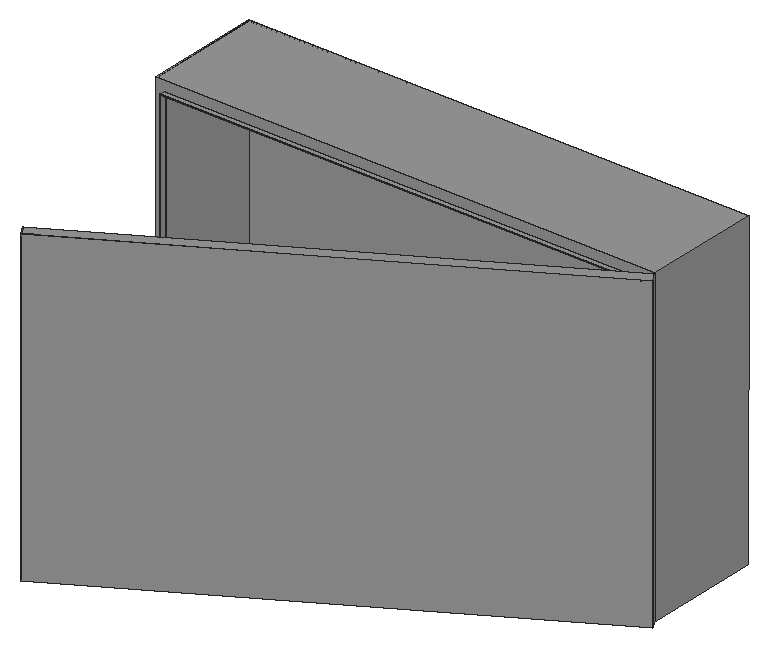
Revit family "Hager-Univers-IP44-D205-H500-Cl.II-Encl-NoHosted-DE-de", category Equipement électrique, Revit 2020
Family settings
  Configuration du panneau = Deux colonnes, circuits au sein
  Cote de connecteur circulaire = Utiliser le diamètre
  Type d'élément = Tableau de raccordement
  Basée sur le plan de construction = Oui
  Toujours verticalement = Oui
  Couper avec des vides une fois chargée = Non
  Partagée = Non
  Point de calcul de pièce = Non
Parameters (values of type "Aufputz IP44 B800 H500 T205  - FP33SN2")
  Width Control [instance] = if([EF000008 - Breite] > Min Width, [EF000008 - Breite], Min Width)  # 800 mm
  Commentaires du type = [HG000003 - Bereich]  # "Univers"
  Thickness Door [instance] = if([EF009171 - Materialstärke Tür/Deckel] > 3 mm, 3 mm, [EF009171 - Materialstärke Tür/Deckel])  # 1 mm
  Seal Frame Offset [instance] = 17 mm  # constant formula
  Plinth Visibility [instance] = [HG000027 - Sockelhöhe] > 0 mm  # no
  Min Width [instance] = 100 mm  # constant formula
  Min Depth [instance] = (2 * [EF009170 - Materialstärke Gehäuse]) + 1 mm  # 3 mm
  Min Height [instance] = 100 mm  # constant formula
  Internal Frame Depth [instance] = (Door System Depth * 0.5)  # 9 mm
  Panel Name [instance] = ""  # (empty or 0)
  Model = ""
  HG000027 - Sockelhöhe = 0 mm
  HG000026 - Stehend auf dem Boden = no
  HG000024 - Höhe des unteren Teils = 600 mm
  HG000023 - Gehäuse mit doppeltem Querschnitt = no
  HG000016 - 3D-Türsichtbarkeit [instance] = yes
  HG000015 - Sichtbarkeit der Türöffnung [instance] = no
  HG000014 - Tür rechts [instance] = yes
  HG000013 - Tür links [instance] = not([HG000014 - Tür rechts])  # no
  HG000012 - Türschwenkwinkel [instance] = 30.00°
  HG000010 - Asymmetrische Türen = no
  HG000009 - Doppelflügeligen Tür = no
  HG000006 - Unterputz = no
  HG000004 - Herstellerreferenz = "FP33SN2"
  HG000003 - Bereich = "Univers"
  HG000002 - Mit tür = yes
  Frame Offset Bottom [instance] = 10 mm  # constant formula
  Frame Offset [instance] = 15 mm  # constant formula
  EF015940 - Deckel mit Überdruckentlastung = no
  EF011959 - Schutzart (NEMA) = ""
  EF009554 - Anzahl der Öffnungen für Flanschplatten = 6
  EF009212 - Ausführung Deckel = "EV000116 - geschlossen"
  EF009171 - Materialstärke Tür/Deckel = 1 mm
  EF009170 - Materialstärke Gehäuse = 1 mm
  EF008873 - Nennstrom (In) = 250 A
  EF007800 - Geeignet für Blitzschutz = no
  EF006306 - Mit Schloss = no
  EF006244 - Transparenter Deckel/Tür = no
  EF005474 - Schutzart (IP) = "EV006418 - IP44"
  EF004464 - Art der Tür = "EV002646 - Einzel"
  EF004427 - Anzahl der Module = 108
  EF004293 - Schlagfestigkeit = "EV006815 - IK09"
  EF003532 - Geeignet für Außengebrauch = no
  EF002950 - Breite in Teilungseinheiten = 36
  EF001613 - Funktionserhalt = "EV000494 - ohne"
  EF001596 - Werkstoff des Gehäuses = "EV000179 - Stahl"
  EF001131 - Innentiefe = 143 mm
  EF001088 - Anbaumöglichkeit = yes
  EF000437 - Anzahl der Leitungseinführungen = 6
  EF000339 - Art der Abdeckung = "EV001012 - Deckel"
  EF000266 - Anzahl der Reihen = 3
  EF000218 - Einbautiefe = 205 mm
  EF000118 - Mit Montageplatte = no
  EF000116 - RAL-Nummer = "9010"
  EF000049 - Tiefe = 205 mm
  EF000040 - Höhe = 500 mm
  EF000008 - Breite = 800 mm
  EF000007 - Farbe = "EV000202 - weiß"
  EF000003 - Montageart = "EV000384 - Aufputz"
  Door System Leaf Tolerance [instance] = 1.5 mm  # constant formula
  Door System Depth [instance] = 18 mm  # constant formula
  Door Height [instance] = Height Control - [HG000027 - Sockelhöhe]  # 500 mm
  Description = ""
  Default Elevation = 1219.2 mm
  Connector Offset [instance] = Height Control / 2  # 250 mm
  Fabricant = "Hager"  # constant formula
  Height Control [instance] = if([EF000040 - Höhe] > Min Height, [EF000040 - Höhe], Min Height)  # 500 mm
  Depth Control [instance] = if([EF000049 - Tiefe] > Min Depth, [EF000049 - Tiefe], Min Depth)  # 205 mm
  Bottom Top Plate Trim [instance] = 1.5 mm  # constant formula
  Plinth height Ctrl [instance] = if([HG000027 - Sockelhöhe] > 0 mm, [HG000027 - Sockelhöhe], 12 mm)  # 12 mm
Types (5, lengths in mm): name | Width Control | HG000010 - Asymmetrische Türen | HG000009 - Doppelflügeligen Tür | HG000004 - Herstellerreferenz | EF009554 - Anzahl der Öffnungen für Flanschplatten | EF004464 - Art der Tür | EF004427 - Anzahl der Module | EF002950 - Breite in Teilungseinheiten | EF000437 - Anzahl der Leitungseinführungen | EF000008 - Breite
  Aufputz IP44 B1050 H500 T205  - FP34SN2 | 1050 | no | yes | "FP34SN2" | 8 | "EV003602 - Doppel" | 144 | 48 | 8 | 1050
  Aufputz IP44 B1300 H500 T205  - FP35SN2 | 1300 | yes | yes | "FP35SN2" | 10 | "EV003602 - Doppel" | 180 | 60 | 10 | 1300
  Aufputz IP44 B300 H500 T205  - FP31SN2 | 300 | no | no | "FP31SN2" | 2 | "EV002646 - Einzel" | 36 | 12 | 2 | 300
  Aufputz IP44 B550 H500 T205  - FP32SN2 | 550 | no | no | "FP32SN2" | 4 | "EV002646 - Einzel" | 72 | 24 | 4 | 550
  Aufputz IP44 B800 H500 T205  - FP33SN2 | 800 | no | no | "FP33SN2" | 6 | "EV002646 - Einzel" | 108 | 36 | 6 | 800
Reference planes
  plane 1 "Center (Front/Back)": y = 0
  plane 2: z = 0
  plane 3 "Center (Left/Right)": x = 0
  plane 4: y = 0
  plane 5: y = 0
  plane 6: z = 0
  plane 7: x = -400
  plane 8: x = 400
  plane 9: x = 399
  plane 10: x = -399
  plane 11: z = 0
  plane 12: z = 1
  plane 13: y = -205
  plane 14: y = -1
  plane 15: x = 0
  plane 16: y = -187
  plane 17: y = -204
  plane 18: y = -186
  plane 19: x = -384
  plane 20: x = 384
  plane 21: z = 11
  plane 22: x = -383
  plane 23: x = 383
  plane 24: z = 0
  plane 25: z = 500
  plane 26: z = 500
  plane 27: z = 484
  plane 28: z = 499
Forms (mm)
  Extrusion 1, solid, material "Hager_Steel_RAL7035_Light_Grey", detail levels medium+fine
    sketch origin (-208.679, -4572, 0) x (-1, 0, 0) y (0, -1, 0)
      loop
        line (191.321, -4385) -> (-608.679, -4385) -> (-608.679, -4572) -> (191.321, -4572) -> (191.321, -4385)
    from 0 to 500
  Extrusion 2, void
    sketch origin (-350.771, -205, 1219.2) x (1, 0, 0) y (0, 0, 1)
      loop
        line (-48.229, -720.2) -> (-48.229, -1218.2) -> (749.771, -1218.2) -> (749.771, -720.2) -> (-48.229, -720.2)
    from -19 to -204
  Extrusion 3, void
    sketch origin (-290.084, -187, 1219.2) x (1, 0, 0) y (0, 0, 1)
      loop
        line (-93.916, -1208.2) -> (674.084, -1208.2) -> (674.084, -735.2) -> (-93.916, -735.2) -> (-93.916, -1208.2)
    from 0 to -1
  Extrusion 4, solid, material "Hager_Steel_RAL7035_Light_Grey", visible <- "Plinth Visibility", detail levels medium+fine
    sketch origin (0, 0, 0) x (1, 0, 0) y (0, 1, 0)
      loop
        line (-400, 0) -> (-400, -187) -> (400, -187) -> (400, 0) -> (-400, 0)
    from 0 to 12 <- "Plinth height Ctrl"
  Extrusion 5, solid, material "Hager_Steel_RAL7035_Light_Grey", detail levels coarse
    sketch origin (0, 0, 0) x (1, 0, 0) y (0, 1, 0)
      loop
        line (-400, 0) -> (-400, -205) -> (400, -205) -> (400, 0) -> (-400, 0)
    from 0 to 500 <- "Height Control"
  Sweep 6, void
    path in 3D
      loop
        line (-400, -187, 12) -> (400, -187, 12) -> (400, 0, 12) -> (-400, 0, 12) -> (-400, -187, 12)
    profile origin (-400, -93.5, 12) x (1, 0, 0) y (0, 0, 1)
      loop
        line (0, 0) -> (0, -1.5) -> (1.5, -1.5)
        arc (1.5, -1.5) -> (1.061, -0.439) -> (0, 0) r 1.5
  Extrusion 7, solid, material "Hager_Steel_RAL7035_Light_Grey", detail levels fine
    sketch origin (-400, -187, 0) x (1, 0, 0) y (0, 0, 1)
      loop
        line (16, 11) -> (784, 11) -> (784, 484) -> (16, 484) -> (16, 11)
      loop
        line (15, 10) -> (785, 10) -> (785, 485) -> (15, 485) -> (15, 10)
    from 0 to 9 <- "Internal Frame Depth"
Cuts and joins
  Extrusion 2, Extrusion 3 cuts Extrusion 1
  Sweep 6 cuts Extrusion 4
Lines and regions (mm)
  Masking region 1
    outline origin (0, 0, 0) x (1, 0, 0) y (0, 1, 0)
      loop
        line (-400, 0) -> (-400, -205) -> (400, -205) -> (400, 0) -> (-400, 0)
  Masking region 2, detail levels coarse
    outline origin (-290.084, -187, 1219.2) x (-1, 0, 0) y (0, 0, 1)
      loop
        line (-690.084, -1219.2) -> (109.916, -1219.2) -> (109.916, -719.2) -> (-690.084, -719.2) -> (-690.084, -1219.2)
  Masking region 3, detail levels coarse
    outline origin (0, 0, 0) x (0, 1, 0) y (0, 0, 1)
      loop
        line (0, 0) -> (0, 500) -> (-205, 500) -> (-205, 0) -> (0, 0)
  Masking region 4, visible <- "Plinth Visibility", detail levels medium+fine
    outline origin (0, 0, 0) x (0, 1, 0) y (0, 0, 1)
      loop
        line (-1.5, 12) -> (-185.5, 12)
        arc (-185.5, 12) -> (-185.939, 10.939) -> (-187, 10.5) r 1.5
        line (-187, 10.5) -> (-187, 0) -> (0, 0) -> (0, 10.5)
        arc (0, 10.5) -> (-1.061, 10.939) -> (-1.5, 12) r 1.5
  Masking region 5, detail levels medium+fine
    outline origin (0, 0, 594.038) x (0, 1, 0) y (0, 0, 1)
      loop
        line (0, -594.038) -> (0, -94.038) -> (-187, -94.038) -> (-187, -594.038) -> (0, -594.038)
  Masking region 6, detail levels medium+fine
    outline origin (-359.7, -187, 1211.883) x (-1, 0, 0) y (0, 0, 1)
      loop
        line (-759.7, -1211.883) -> (40.3, -1211.883) -> (40.3, -711.883) -> (-759.7, -711.883) -> (-759.7, -1211.883)
  Masking region 7, visible <- "Plinth Visibility", detail levels medium+fine
    outline origin (-320.334, -187, 1041.368) x (-1, 0, 0) y (0, 0, 1)
      loop
        line (-720.334, -1041.368) -> (79.666, -1041.368) -> (79.666, -1030.868)
        arc (79.666, -1030.868) -> (78.606, -1030.429) -> (78.166, -1029.368) r 1.5
        line (78.166, -1029.368) -> (-718.834, -1029.368)
        arc (-718.834, -1029.368) -> (-719.273, -1030.429) -> (-720.334, -1030.868) r 1.5
        line (-720.334, -1030.868) -> (-720.334, -1041.368)
  sketch lines
    curve 1: line (-400, 0, 12) -> (-400, -187, 12)
    curve 2: line (-400, -187, 12) -> (400, -187, 12)
    curve 3: line (400, 0, 12) -> (-400, 0, 12)
    curve 4: line (400, -187, 12) -> (400, 0, 12)
Dimensions and locks
  locked: plane 1 "Center (Front/Back)" to plane 5
  "EF009170 - Materialstärke Gehäuse": plane 7 to plane 10
  "EF009170 - Materialstärke Gehäuse": plane 8 to plane 9
  equal spacing: plane 7, plane 3 "Center (Left/Right)", plane 8
  "Width Control": plane 7 to plane 8
  "Depth Control": plane 4 to plane 13
  "EF009170 - Materialstärke Gehäuse": plane 4 to plane 14
  "Height Control": plane 25 to level
  "HG000027 - Sockelhöhe": plane 11 to level
  "EF009170 - Materialstärke Gehäuse": plane 12 to plane 11
  "EF009170 - Materialstärke Gehäuse": plane 17 to plane 13
  "EF009170 - Materialstärke Gehäuse": plane 18 to plane 16
  "Frame Offset Bottom": plane 21 to plane 12
  "Frame Offset": plane 10 to plane 19
  "Frame Offset": plane 9 to plane 20
  "Door System Depth": plane 16 to plane 13
  "Seal Frame Offset": plane 7 to plane 22
  "Seal Frame Offset": plane 8 to plane 23
  "EF009170 - Materialstärke Gehäuse": plane 26 to plane 28
  "Frame Offset": plane 28 to plane 27
  "Connector Offset": plane 2 to connector elem
  "Bottom Top Plate Trim": profile plane to Sweep 6 sketch curve
  "Bottom Top Plate Trim": Sweep 6 sketch curve to Sweep 6 sketch curve
  "Plinth height Ctrl": Masking region 4 sketch curve to level
  "Plinth height Ctrl": Masking region 7 sketch curve to level
  "Thickness Door": Extrusion 7 sketch curve to Extrusion 7 sketch curve  (x4)
  "Bottom Top Plate Trim": radius of Sweep 6 sketch curve
  "Bottom Top Plate Trim": radius of Masking region 4 sketch curve  (x2)
  "Bottom Top Plate Trim": radius of Masking region 7 sketch curve  (x2)
  aligned and locked: Extrusion 2 sketch curve to plane 12
  aligned and locked: Extrusion 2 sketch curve to plane 9
  aligned and locked: Extrusion 2 sketch curve to plane 10
  aligned and locked: Extrusion 2 to plane 14
  aligned and locked: Extrusion 1 sketch curve to plane 4
  aligned and locked: plane 8 to Extrusion 1 sketch curve
  aligned and locked: plane 7 to Extrusion 1 sketch curve
  aligned and locked: Extrusion 2 to plane 18
  aligned and locked: plane 19 to Extrusion 3 sketch curve
  aligned and locked: plane 20 to Extrusion 3 sketch curve
  aligned and locked: Extrusion 3 to Extrusion 2
  aligned and locked: Extrusion 3 sketch curve to plane 21
  aligned and locked: plane 3 "Center (Left/Right)" to nested 1
  aligned and locked: Extrusion 1 sketch curve to plane 16
  aligned and locked: Extrusion 4 sketch curve to cut or joined group of Extrusion 1, Extrusion 2, Extrusion 3
  aligned and locked: Masking region 1 sketch curve to plane 7
  aligned and locked: Masking region 1 sketch curve to plane 5
  aligned and locked: Masking region 1 sketch curve to plane 8
  aligned and locked: Masking region 2 sketch curve to level
  aligned and locked: level to Masking region 3 sketch curve
  aligned and locked: plane 1 "Center (Front/Back)" to Masking region 3 sketch curve
  aligned and locked: plane 13 to Masking region 3 sketch curve
  aligned and locked: plane 5 to Masking region 4 sketch curve
  aligned and locked: Masking region 2 sketch curve to plane 8
  aligned and locked: Masking region 2 sketch curve to plane 7
  aligned and locked: plane 7 to nested 2
  aligned and locked: nested 2 to plane 5
  aligned and locked: plane 5 to Masking region 5 sketch curve
  aligned and locked: plane 26 to Masking region 5 sketch curve
  aligned and locked: Extrusion 5 sketch curve to plane 8
  aligned and locked: Extrusion 5 sketch curve to plane 7
  aligned and locked: Extrusion 5 sketch curve to plane 5
  aligned and locked: Extrusion 3 sketch curve to plane 27
  aligned and locked: Extrusion 2 sketch curve to plane 28
  aligned and locked: Masking region 2 to plane 25
  aligned and locked: Extrusion 4 to plane 16
  aligned and locked: profile plane to Sweep 6 sketch curve
  aligned and locked: Masking region 5 sketch curve to plane 24
  aligned and locked: level to Masking region 4 sketch curve
  aligned and locked: Masking region 1 to plane 13
  aligned and locked: nested 1 to plane 16
  aligned and locked: Masking region 3 to plane 25
  aligned and locked: plane 16 to Masking region 4 sketch curve
  aligned and locked: Masking region 5 sketch curve to plane 16
  aligned and locked: plane 24 to plane 11
  aligned and locked: plane 26 to plane 25
  aligned and locked: plane 26 to cut or joined group of Extrusion 1, Extrusion 2, Extrusion 3
  aligned and locked: nested 1 to plane 24
  aligned and locked: Extrusion 1 to Extrusion 3
  aligned and locked: Masking region 6 sketch curve to plane 8
  aligned and locked: Masking region 6 sketch curve to plane 24
  aligned and locked: Masking region 6 sketch curve to plane 7
  aligned and locked: Masking region 6 sketch curve to plane 26
  aligned and locked: Masking region 7 sketch curve to plane 7
  aligned and locked: level to Masking region 7 sketch curve
  aligned and locked: Masking region 7 sketch curve to plane 8
  aligned and locked: Extrusion 7 sketch curve to cut or joined group of Extrusion 1, Extrusion 2, Extrusion 3  (x4)
Automatic sketch dimensions
  plane 19 to Extrusion 3 sketch curve = 0 mm
  Extrusion 3 sketch curve to plane 20 = 0 mm
  Extrusion 3 sketch curve to plane 21 = 0 mm
  Extrusion 4 sketch curve to plane 7 = 0 mm
  Extrusion 4 sketch curve to plane 8 = 0 mm
  Extrusion 4 sketch curve to plane 16 = 0 mm
  Masking region 1 sketch curve to plane 13 = 0 mm
  Masking region 2 sketch curve to plane 25 = 0 mm
  Masking region 3 sketch curve to plane 25 = 0 mm
  Extrusion 5 sketch curve to plane 13 = 0 mm
  profile plane to Sweep 6 sketch curve = 0 mm
Nested families
  nested 1: "EC000058_Univers_Door" at (0, -187, 0), Double <- "HG000009 - Doppelflügeligen Tür", Transparent <- "EF006244 - Transparenter Deckel/Tür", Angle <- "HG000012 - Türschwenkwinkel", Door_Right <- "HG000014 - Tür rechts", Assymetrical <- "HG000010 - Asymmetrische Türen", Door <- "HG000002 - Mit tür", Width_Ctrl <- "Width Control", 3d_Door <- "HG000016 - 3D-Türsichtbarkeit", Clearance <- "HG000015 - Sichtbarkeit der Türöffnung", Door_Left <- "HG000013 - Tür links", Width <- "Width Control", Door_Depth <- "Door System Depth", Leaf_Tolerance <- "Door System Leaf Tolerance", Height <- "Door Height", Lock_Visibility <- "EF006306 - Mit Schloss", Thickness <- "Thickness Door", type "EC000058_Univers_Door", detail levels medium+fine
    with min_wh 3 mm, Width_Ctrl 800 mm, Width 800 mm, Transparent no, Thickness 1 mm, Seal_Material Hager_Rubber, Lock_Visibility no, Lock_Material Hager_Plastic_RAL9005_Jet_Black, Leaf_Width 800 mm, Leaf_Tolerance_External_Sides 0 mm, Leaf_Tolerance 1.5 mm, Leaf_Offset 0 mm, Leaf_Height 497 mm, Leaf_2_Width 800 mm, Leaf_2_Offset 400 mm, Leaf_1_Width 800 mm, Leaf_1_Offset 400 mm, Height_Ctrl 500 mm, Height 500 mm, Glass_Material Hager_Glass, Double_Clearance_Ctrl no, Double no, Door_Right_Ctrl yes, Door_Right yes, Door_Material Hager_Steel_RAL7035_Light_Grey, Door_Left_Ctrl no, Door_Left no, Door_Depth 18 mm, Door yes, Clearance_Material Hager_Clearance, Clearance_Depth 800 mm, Clearance_Ctrl no, Clearance no, Assymetrical no, Angle 30.00°, 3d_Door yes
  nested 2: "Hager_Enclosure_Symbol" at (-400, 0, 0), Height <- "Depth Control", Width <- "Width Control", type "Hager_Enclosure_Symbol"
    with Width_Ctrl 800 mm, Width 800 mm, Height_Ctrl 205 mm, Height 205 mm, A_Width_Int 13.453 mm, A_Width 161.438 mm, A_Height_Ctrl 179.375 mm, A_Height 179.375 mm
Connectors
  electrical at (0, 0, 250)
    settings: on plane 1 "Center (Front/Back)", index 1, voltage 0 V, apparent load 0 VA, apparent load phase1 0 VA, apparent load phase2 0 VA, apparent load phase3 0 VA, power factor 1, load classification "Other", number of poles 1, system type 30, power factor state 1, is connector primary yes, connector utility no, sub classification motor no, connector description ""
Definition of nested family "EC000058_Univers_Door"
  Parameters (values of type "EC000058_Univers_Door")
    min_wh [instance] = (2 * Thickness) + 1 mm  # 11 mm
    Width_Ctrl [instance] = 400 mm
    Width [instance] = 500 mm
    Transparent [instance] = yes
    Thickness [instance] = 5 mm
    Seal_Material [instance] = none
    Lock_Visibility [instance] = yes
    Lock_Material [instance] = none
    Leaf_Width [instance] = if((Width_Ctrl - 2 * Leaf_Tolerance_External_Sides) > 0 mm, (Width_Ctrl - 2 * Leaf_Tolerance_External_Sides), min_wh)  # 400 mm
    Leaf_Tolerance_External_Sides [instance] = 0 mm  # constant formula
    Leaf_Tolerance [instance] = 1.5 mm
    Leaf_Offset [instance] = 0 mm  # constant formula
    Leaf_Height [instance] = if((Height_Ctrl - 2 * Leaf_Tolerance) > 0 mm, (Height_Ctrl - 2 * Leaf_Tolerance), min_wh)  # 497 mm
    Leaf_2_Width [instance] = if(and(and(Double, Assymetrical), Door_Left), (Leaf_Width / 3) - (Leaf_Tolerance / 2), if(and(and(Double, Assymetrical), Door_Right), (Leaf_Width / 3) * 2 - (Leaf_Tolerance / 2), if(and(Double, not(Assymetrical)), (Leaf_Width / 2) - Leaf_Tolerance, Leaf_Width)))  # 400 mm
    Leaf_2_Offset [instance] = if(and(Double, Assymetrical), Leaf_2_Width / 2, if(and(Double, not(Assymetrical)), Leaf_Width / 4, Leaf_Width / 2))  # 200 mm
    Leaf_1_Width [instance] = if(and(and(Double, Assymetrical), Door_Right), (Leaf_Width / 3) - (Leaf_Tolerance / 2), if(and(and(Double, Assymetrical), Door_Left), (Width / 3) * 2 - (Leaf_Tolerance / 2), if(and(Double, not(Assymetrical)), (Leaf_Width / 2) - Leaf_Tolerance, Leaf_Width)))  # 400 mm
    Leaf_1_Offset [instance] = if(and(Double, Assymetrical), Leaf_1_Width / 2, if(and(Double, not(Assymetrical)), Leaf_Width / 4, Leaf_Width / 2))  # 200 mm
    Height_Ctrl [instance] = if(Height > min_wh, Height, min_wh)  # 500 mm
    Height [instance] = 500 mm
    Glass_Material [instance] = none
    Double_Clearance_Ctrl [instance] = and(Double, Clearance)  # no
    Double [instance] = no
    Door_Right_Ctrl [instance] = and(or(Door_Right, Double), Door)  # yes
    Door_Right [instance] = yes
    Door_Material [instance] = none
    Door_Left_Ctrl [instance] = and(or(Door_Left, Double), Door)  # no
    Door_Left [instance] = no
    Door_Depth [instance] = 30 mm
    Door [instance] = yes
    Default Elevation = 1219.2 mm
    Clearance_Material [instance] = none
    Clearance_Depth [instance] = if(Leaf_1_Width > Leaf_2_Width, Leaf_1_Width, Leaf_2_Width)  # 400 mm
    Clearance_Ctrl [instance] = and(not(Double), Clearance)  # yes
    Clearance [instance] = yes
    Assymetrical [instance] = yes
    Angle [instance] = 30.00°
    3d_Door [instance] = yes
  Reference planes
    plane 1 "Center (Front/Back)": y = 0
    plane 2 "Bottom": z = 0
    plane 3 "Center (Left/Right)": x = 0
    plane 4: z = 500
    plane 5: x = -200
    plane 6: x = 200
    plane 7: z = 500
    plane 8: x = -200
    plane 9: z = 0
    plane 10: x = 200
    plane 11: y = 0
    plane 12: z = 1.5
    plane 13: x = -600
    plane 14: y = -400
    plane 15: x = 600
    plane 16: x = 0
    plane 17: x = 0
    plane 18: x = -200
    plane 19: x = 200
    plane 20: z = 498.5
  Forms (mm)
    Extrusion 1, solid, material <- "Clearance_Material", visible <- "Double_Clearance_Ctrl"
      sketch origin (1200, 0, 0) x (1, 0, 0) y (0, 0, -1)
        loop
          line (-1800, -498.5) -> (-600, -498.5) -> (-600, 0) -> (-1800, 0) -> (-1800, -498.5)
      from 0 to -400
  Dimensions and locks
    equal spacing: plane 5, plane 3 "Center (Left/Right)", plane 6
    "Width_Ctrl": plane 5 to plane 6
    "Leaf_Offset": plane 5 to plane 8
    "Leaf_Offset": plane 6 to plane 10
    "Leaf_Offset": plane 9 to level
    "Leaf_Offset": plane 4 to plane 7
    "Height_Ctrl": plane 4 to level
    "Leaf_Tolerance": plane 12 to plane 9
    locked: plane 11 to plane 1 "Center (Front/Back)"
    "Leaf_1_Offset": plane 18 to plane 16
    "Leaf_2_Offset": plane 17 to plane 19
    "Leaf_1_Width": plane 13 to plane 8
    "Leaf_2_Width": plane 10 to plane 15
    "Clearance_Depth": plane 14 to plane 1 "Center (Front/Back)"
    "Leaf_Tolerance_External_Sides": plane 8 to plane 18
    "Leaf_Tolerance_External_Sides": plane 19 to plane 10
    "Leaf_Tolerance": plane 7 to plane 20
    aligned and locked: level to plane 2 "Bottom"
    aligned and locked: nested 1 to plane 16
    aligned and locked: nested 2 to plane 17
    aligned and locked: Extrusion 1 to plane 13
    aligned and locked: plane 15 to Extrusion 1
    aligned and locked: Extrusion 1 to plane 14
    aligned and locked: plane 12 to nested 1
    aligned and locked: nested 2 to plane 12
    aligned and locked: Extrusion 1 to plane 11
    aligned and locked: plane 20 to Extrusion 1
    aligned and locked: nested 2 to plane 11
    aligned and locked: nested 1 to plane 11
  Automatic sketch dimensions
    Extrusion 1 sketch curve to level = 0 mm
    plane 5 to Extrusion 1 sketch curve = 400 mm
    plane 6 to Extrusion 1 sketch curve = 400 mm
    Extrusion 1 sketch curve to plane 4 = 1.5 mm
  Nested families
    nested 1: "EC000058_Univers_Door_Leaf" at (0, 0, 1.5), Width <- "Leaf_1_Width", visible <- "Door_Left_Ctrl", Leaf_Height <- "Leaf_Height", Angle <- "Angle", 3d_Door <- "3d_Door", Transparent <- "Transparent", Clearance Material <- "Clearance_Material", Clearance <- "Clearance_Ctrl", Door_Material <- "Door_Material", Glass_Material <- "Glass_Material", Door_Depth <- "Door_Depth", Lock_Material <- "Lock_Material", Seal_Material <- "Seal_Material", Lock_Visibility <- "Lock_Visibility", Thickness <- "Thickness", type "EC000058_Univers_Door_Leaf"
      with Width 400 mm, Transparent_Glass_Offset 30 mm, Transparent_Ctrl yes, Transparent yes, Thickness 5 mm, Standard no, Seal_Material none, Seal_D2 8 mm, Seal_D1 1 mm, Offset_Internal_Frame 10 mm, Lock_Width 20 mm, Lock_Visibility_3d yes, Lock_Visibility yes, Lock_Thickness_3 3 mm, Lock_Thickness_2 1 mm, Lock_Thickness_1 3 mm, Lock_Radius_Offset_2 16 mm, Lock_Radius_Offset_1 15 mm, Lock_Radius_2 5 mm, Lock_Radius 6 mm, Lock_Offset 5 mm, Lock_Material none, Lock_Height 80 mm, Lock_Cover_Top_Offset_2d 17 mm, Lock_Cover_Height -65 mm, Leaf_Height 497 mm, Internal_Seal_Thickness 8 mm, Internal_Seal_Depth_2 4.5 mm, Internal_Frame_Depth 25 mm, Glass_Thickness -1 mm, Glass_Offset -2 mm, Glass_Material none, Door_Material none, Door_Depth 30 mm, Clearance Material none, Clearance yes, Angle_Ctrl 30.00°, Angle 30.00°, 3d_Door yes
    nested 2: "EC000058_Univers_Door_Leaf" at (0, 0, 1.5) x (-1, 0, 0) z (0, 0, 1), Width <- "Leaf_2_Width", visible <- "Door_Right_Ctrl", Leaf_Height <- "Leaf_Height", Angle <- "Angle", 3d_Door <- "3d_Door", Transparent <- "Transparent", Clearance Material <- "Clearance_Material", Clearance <- "Clearance_Ctrl", Door_Material <- "Door_Material", Glass_Material <- "Glass_Material", Door_Depth <- "Door_Depth", Lock_Material <- "Lock_Material", Seal_Material <- "Seal_Material", Lock_Visibility <- "Lock_Visibility", Thickness <- "Thickness", type "EC000058_Univers_Door_Leaf"
      with Width 400 mm, Transparent_Glass_Offset 30 mm, Transparent_Ctrl yes, Transparent yes, Thickness 5 mm, Standard no, Seal_Material none, Seal_D2 8 mm, Seal_D1 1 mm, Offset_Internal_Frame 10 mm, Lock_Width 20 mm, Lock_Visibility_3d yes, Lock_Visibility yes, Lock_Thickness_3 3 mm, Lock_Thickness_2 1 mm, Lock_Thickness_1 3 mm, Lock_Radius_Offset_2 16 mm, Lock_Radius_Offset_1 15 mm, Lock_Radius_2 5 mm, Lock_Radius 6 mm, Lock_Offset 5 mm, Lock_Material none, Lock_Height 80 mm, Lock_Cover_Top_Offset_2d 17 mm, Lock_Cover_Height -65 mm, Leaf_Height 497 mm, Internal_Seal_Thickness 8 mm, Internal_Seal_Depth_2 4.5 mm, Internal_Frame_Depth 25 mm, Glass_Thickness -1 mm, Glass_Offset -2 mm, Glass_Material none, Door_Material none, Door_Depth 30 mm, Clearance Material none, Clearance yes, Angle_Ctrl 30.00°, Angle 30.00°, 3d_Door yes
  Definition of nested family "EC000058_Univers_Door_Leaf"
    Parameters (values of type "EC000058_Univers_Door_Leaf")
      Width [instance] = 2000 mm
      Transparent_Glass_Offset [instance] = 30 mm
      Transparent_Ctrl [instance] = and(Transparent, [3d_Door])  # yes
      Transparent [instance] = yes
      Thickness [instance] = 5 mm
      Standard [instance] = and(not(Transparent), [3d_Door])  # no
      Seal_Material [instance] = none
      Seal_D2 [instance] = 8 mm  # constant formula
      Seal_D1 [instance] = 1 mm  # constant formula
      Offset_Internal_Frame [instance] = 10 mm  # constant formula
      Lock_Width [instance] = 20 mm  # constant formula
      Lock_Visibility_3d [instance] = and(Lock_Visibility, [3d_Door])  # yes
      Lock_Visibility [instance] = yes
      Lock_Thickness_3 [instance] = 3 mm  # constant formula
      Lock_Thickness_2 [instance] = 1 mm  # constant formula
      Lock_Thickness_1 [instance] = 3 mm  # constant formula
      Lock_Radius_Offset_2 [instance] = Lock_Radius_Offset_1 + 1 mm  # 16 mm
      Lock_Radius_Offset_1 [instance] = 15 mm  # constant formula
      Lock_Radius_2 [instance] = Lock_Radius - 1 mm  # 5 mm
      Lock_Radius [instance] = 6 mm  # constant formula
      Lock_Offset [instance] = 5 mm  # constant formula
      Lock_Material [instance] = none
      Lock_Height [instance] = 80 mm  # constant formula
      Lock_Cover_Top_Offset_2d [instance] = Lock_Radius_Offset_2 + 1 mm  # 17 mm
      Lock_Cover_Height [instance] = -(Lock_Height - Lock_Radius_Offset_1)  # -65 mm
      Leaf_Height [instance] = 2720.336 mm
      Internal_Seal_Thickness [instance] = 8 mm  # constant formula
      Internal_Seal_Depth_2 [instance] = 4.5 mm  # constant formula
      Internal_Frame_Depth [instance] = if(Door_Depth - Thickness > 5 mm, Door_Depth - Thickness, 5 mm)  # 25 mm
      Glass_Thickness [instance] = if(Thickness > 15 mm, Glass_Offset + 10 mm, -1 mm)  # -1 mm
      Glass_Offset [instance] = if(Thickness > 15 mm, -(Thickness + 10 mm) / 2, -2 mm)  # -2 mm
      Glass_Material [instance] = none
      Door_Material [instance] = none
      Door_Depth [instance] = 30 mm
      Default Elevation = 0 mm
      Clearance Material [instance] = none
      Clearance [instance] = yes
      Angle_Ctrl [instance] = if(Angle > 180.00°, 180.00°, Angle)  # 90.00°
      Angle [instance] = 90.00°
      3d_Door [instance] = yes
    Reference planes
      plane 1 "Center (Front/Back)": y = 0
      plane 2: z = 0
      plane 3 "Center (Left/Right)": x = 0
      plane 4: y = 2000
      plane 5: x = -1000
      plane 6: x = 1000
      plane 7: x = -3000
      plane 8: z = 2720.336
      plane 9: z = 30
      plane 10: z = 2690.336
      plane 11: x = 970
      plane 12: x = -970
      plane 13: y = -3
      plane 14: z = 107.833
      plane 15: y = -5
      plane 16: y = -223.314
      plane 17: x = -1000
      plane 18: z = 1360.168
      plane 19: y = 30
    Forms (mm)
      Extrusion 1, solid, material <- "Clearance Material", visible <- "Clearance"
        sketch origin (0, 0, 0) x (1, 0, 0) y (0, 0, 1)
          loop
            line (-3000, 2720.336) -> (-3000, 0) -> (1000, 0) -> (1000, 2720.336) -> (-3000, 2720.336)
        from 0 to -2000
      Extrusion 2, solid, material <- "Door_Material", visible <- "Standard", detail levels medium+fine
        sketch origin (-1000, 0, 0) x (0, 1, 0) y (-1, 0, 0)
          loop
            line (0, 30) -> (0, 25) -> (2000, 25) -> (2000, 30) -> (0, 30)
        from 0 to 2720.336 <- "Leaf_Height"
      Extrusion 3, solid, material <- "Door_Material", visible <- "Transparent_Ctrl", detail levels medium+fine
        sketch origin (-1000, 0, 0) x (0, 1, 0) y (-1, 0, 0)
          loop
            line (0, 25) -> (2000, 25) -> (2000, 30) -> (0, 30) -> (0, 25)
        from 0 to 2720.336 <- "Leaf_Height"
      Extrusion 4, void
        sketch origin (-1025, 2000, 0) x (0, 1, 0) y (0, 0, -1)
          loop
            line (-30, -2690.336) -> (-30, -30) -> (-1970, -30) -> (-1970, -2690.336) -> (-30, -2690.336)
        from 0 to 5 <- "Thickness"
      Sweep 5, solid, material <- "Seal_Material", visible <- "Transparent_Ctrl", detail levels fine
        path in 3D
          loop
            line (-1025, 30, 30) -> (-1025, 30, 2690.336) -> (-1025, 1970, 2690.336) -> (-1025, 1970, 30) -> (-1025, 30, 30)
        profile origin (-1025, 1000, 30) x (1, 0, 0) y (0, 0, 1)
          loop
            line (0, 0) -> (0, -8) -> (1, -8) -> (1, 0) -> (0, 0)
      Extrusion 6, solid, material <- "Glass_Material", visible <- "Transparent_Ctrl", detail levels medium+fine
        sketch origin (-1030, 0, 0) x (0, 1, 0) y (0, 0, -1)
          loop
            line (1970, -2690.336) -> (1970, -30) -> (30, -30) -> (30, -2690.336) -> (1970, -2690.336)
        from -2 <- "Glass_Offset" to -1 <- "Glass_Thickness"
      Extrusion 7, solid, material <- "Door_Material", visible <- "3d_Door", detail levels medium+fine
        sketch origin (-1025, 2000, 0) x (0, -1, 0) y (0, 0, -1)
          loop
            line (0, -2720.336) -> (2000, -2720.336) -> (2000, 0) -> (0, 0) -> (0, -2720.336)
          loop
            line (1995, -5) -> (5, -5) -> (5, -2715.336) -> (1995, -2715.336) -> (1995, -5)
        from 0 to 25 <- "Internal_Frame_Depth"
      Sweep 8, solid, material <- "Seal_Material", visible <- "Transparent_Ctrl", detail levels fine
        path in 3D
          loop
            line (-1025, 0, 0) -> (-1025, 2000, 0) -> (-1025, 2000, 2720.336) -> (-1025, 0, 2720.336) -> (-1025, 0, 0)
        profile origin (-1025, 0, 1360.168) x (1, 0, 0) y (0, 1, 0)
          loop
            line (0, 10) -> (2.975, 10)
            arc (2.975, 10) -> (4.053, 10.447) -> (4.5, 11.525) r 1.525
            line (4.5, 11.525) -> (4.5, 16.527)
            arc (4.5, 16.527) -> (4.069, 17.569) -> (3.027, 18) r 1.473
            line (3.027, 18) -> (0, 18) -> (0, 10)
      Extrusion 9, solid, material <- "Lock_Material", visible <- "Lock_Visibility_3d", detail levels fine
        sketch origin (-1030, 0, 0) x (0, 1, 0) y (0, 0, -1)
          loop
            arc (1993.5, -1400.168) -> (1994.561, -1399.729) -> (1995, -1398.668) r 1.5
            line (1995, -1398.668) -> (1995, -1320.168) -> (1975, -1320.168) -> (1975, -1398.668)
            arc (1975, -1398.668) -> (1975.439, -1399.729) -> (1976.5, -1400.168) r 1.5
            line (1976.5, -1400.168) -> (1993.5, -1400.168)
        from 3 <- "Lock_Thickness_1" to 0
      Blend 10, solid, material <- "Lock_Material", visible <- "Lock_Visibility_3d", detail levels fine
        base sketch origin (-1033, 0, 0) x (0, 1, 0) y (0, 0, -1)
          loop
            line (1975, -1320.168) -> (1975, -1398.668)
            arc (1975, -1398.668) -> (1975.439, -1399.729) -> (1976.5, -1400.168) r 1.5
            line (1976.5, -1400.168) -> (1993.5, -1400.168)
            arc (1993.5, -1400.168) -> (1994.561, -1399.729) -> (1995, -1398.668) r 1.5
            line (1995, -1398.668) -> (1995, -1320.168) -> (1975, -1320.168)
        top sketch origin (-1033, 0, 0) x (0, 1, 0) y (0, 0, -1)
          loop
            line (1976, -1320.168) -> (1976, -1398.668)
            arc (1976, -1398.668) -> (1976.146, -1399.022) -> (1976.5, -1399.168) r 0.5
            line (1976.5, -1399.168) -> (1993.5, -1399.168)
            arc (1993.5, -1399.168) -> (1993.854, -1399.022) -> (1994, -1398.668) r 0.5
            line (1994, -1398.668) -> (1994, -1320.168) -> (1976, -1320.168)
        from 0 to 1 <- "Lock_Thickness_2"
      Blend 11, solid, material <- "Lock_Material", visible <- "Lock_Visibility_3d", detail levels fine
        base sketch origin (-1034, 0, 0) x (0, 1, 0) y (0, 0, -1)
          loop
            line (1978, -1320.168) -> (1978, -1384.168)
            arc (1978, -1384.168) -> (1985, -1391.168) -> (1992, -1384.168) r 7
            line (1992, -1384.168) -> (1992, -1320.168) -> (1978, -1320.168)
        top sketch origin (-1034, 0, 0) x (0, 1, 0) y (0, 0, -1)
          loop
            line (1991, -1320.168) -> (1979, -1320.168) -> (1979, -1383.168)
            arc (1979, -1383.168) -> (1985, -1389.168) -> (1991, -1383.168) r 6
            line (1991, -1383.168) -> (1991, -1320.168)
        from 0 to 3 <- "Lock_Thickness_3"
      Extrusion 12, solid, material <- "Lock_Material", visible <- "Lock_Visibility_3d", detail levels fine
        sketch origin (-1030, 1975, 1320.168) x (1, 0, 0) y (0, -1, 0)
          loop
            line (-7, -19) -> (-7, -1) -> (0, -1) -> (0, 0) -> (-8, 0) -> (-8, -20) -> (0, -20) -> (0, -19) -> (-7, -19)
        from 0 to -65 <- "Lock_Cover_Height"
      Extrusion 13, void
        sketch origin (-1038, 1995, 1320.168) x (-1, 0, 0) y (0, 0, -1)
          loop
            line (-5, -65) -> (0, -65) -> (-5, -60) -> (-5, -65)
        from 0 to 20 <- "Lock_Width"
      Extrusion 14, void
        sketch origin (-1038, 1975, 1320.168) x (0, -1, 0) y (0, 0, -1)
          loop
            circle (-10, -15.995) r 6
          loop
            circle (-10, -15.995) r 5
        from 0 to 2
      Extrusion 15, solid, material <- "Lock_Material", visible <- "Lock_Visibility_3d", detail levels medium
        sketch origin (-1030, 0, 0) x (0, 1, 0) y (0, 0, -1)
          loop
            arc (1993.5, -1400.168) -> (1994.561, -1399.729) -> (1995, -1398.668) r 1.5
            line (1995, -1398.668) -> (1995, -1320.168) -> (1975, -1320.168) -> (1975, -1398.668)
            arc (1975, -1398.668) -> (1975.439, -1399.729) -> (1976.5, -1400.168) r 1.5
            line (1976.5, -1400.168) -> (1993.5, -1400.168)
        from 8 to 0
    Cuts and joins
      Extrusion 4 cuts Extrusion 3
      Extrusion 13, Extrusion 14 cuts Extrusion 9
      Extrusion 14 cuts Blend 11
      Extrusion 13, Extrusion 14 cuts Extrusion 12
      joined: Extrusion 9, Blend 10, Blend 11, Extrusion 12
      Extrusion 14 cuts Extrusion 15
    Lines and regions (mm)
      Masking region 1, visible <- "Lock_Visibility", detail levels fine
        outline origin (0, 0, 0) x (0, 1, 0) y (0, 0, 1)
          loop
            line (30, 1320.168) -> (33, 1320.168) -> (33, 1400.168) -> (30, 1400.168) -> (30, 1320.168)
      Masking region 2, visible <- "Lock_Visibility", detail levels fine
        outline origin (0, 3.143, 0) x (0, 1, 0) y (0, 0, 1)
          loop
            line (29.857, 1354.168) -> (30.857, 1354.168) -> (30.857, 1366.168) -> (29.857, 1366.168) -> (29.857, 1354.168)
      Masking region 3, detail levels medium+fine
        outline origin (0, 0, 0) x (0, 1, 0) y (0, 0, 1)
          loop
            line (0, 0) -> (30, 0) -> (30, 2720.336) -> (0, 2720.336) -> (0, 0)
      Masking region 4, detail levels medium+fine
        outline origin (0, 0, 0) x (1, 0, 0) y (0, 0, 1)
          loop
            line (-1000, 2720.336) -> (-1000, 0) -> (1000, 0) -> (1000, 2720.336) -> (-1000, 2720.336)
      Masking region 5, visible <- "Lock_Visibility", detail levels fine
        outline origin (-47.116, 0, 0) x (1, 0, 0) y (0, 0, 1)
          loop
            arc (1024.616, 1399.168) -> (1023.556, 1398.729) -> (1023.116, 1397.668) r 1.5
            line (1023.116, 1397.668) -> (1023.116, 1320.168) -> (1041.116, 1320.168) -> (1041.116, 1397.668)
            arc (1041.116, 1397.668) -> (1040.677, 1398.729) -> (1039.616, 1399.168) r 1.5
            line (1039.616, 1399.168) -> (1024.616, 1399.168)
      Masking region 6, visible <- "Lock_Visibility", detail levels medium+fine
        outline origin (-25, 0, 0) x (1, 0, 0) y (0, 0, 1)
          loop
            arc (1001.5, 1400.168) -> (1000.439, 1399.729) -> (1000, 1398.668) r 1.5
            line (1000, 1398.668) -> (1000, 1320.168) -> (1020, 1320.168) -> (1020, 1398.668)
            arc (1020, 1398.668) -> (1019.561, 1399.729) -> (1018.5, 1400.168) r 1.5
            line (1018.5, 1400.168) -> (1001.5, 1400.168)
      Masking region 7, visible <- "Lock_Visibility", detail levels fine
        outline origin (-73.735, 0, 0) x (1, 0, 0) y (0, 0, 1)
          loop
            line (1051.735, 1382.168) -> (1065.735, 1382.168) -> (1065.735, 1384.168)
            arc (1065.735, 1384.168) -> (1058.735, 1391.168) -> (1051.735, 1384.168) r 7
            line (1051.735, 1384.168) -> (1051.735, 1382.168)
      Masking region 8, visible <- "Lock_Visibility", detail levels fine
        outline origin (-73.735, 0, 0) x (1, 0, 0) y (0, 0, 1)
          loop
            line (1052.735, 1382.168) -> (1064.735, 1382.168) -> (1064.735, 1383.168)
            arc (1064.735, 1383.168) -> (1058.735, 1389.168) -> (1052.735, 1383.168) r 6
            line (1052.735, 1383.168) -> (1052.735, 1382.168)
      Masking region 9, visible <- "Lock_Visibility", detail levels fine
        outline origin (-25, 0, 0) x (1, 0, 0) y (0, 0, 1)
          loop
            line (1020, 1320.168) -> (1020, 1382.168) -> (1000, 1382.168) -> (1000, 1320.168) -> (1020, 1320.168)
      Masking region 10, detail levels medium+fine
        outline origin (0, 0, 0) x (1, 0, 0) y (0, 0, 1)
          loop
            circle (985, 1335.144) r 6
      Masking region 11, detail levels fine
        outline origin (0, 0, 0) x (1, 0, 0) y (0, 0, 1)
          loop
            circle (985, 1335.144) r 5
      Masking region 12, visible <- "Lock_Visibility", detail levels fine
        outline origin (0, 12.767, 0) x (0, 1, 0) y (0, 0, 1)
          loop
            line (20.233, 1320.168) -> (21.233, 1320.168) -> (21.233, 1399.168) -> (20.233, 1400.168) -> (20.233, 1320.168)
      Masking region 13, visible <- "Lock_Visibility", detail levels fine
        outline origin (0, 13.767, -10) x (0, 1, 0) y (0, 0, 1)
          loop
            line (20.233, 1330.168) -> (23.233, 1330.168) -> (23.233, 1399.168) -> (20.233, 1402.168) -> (20.233, 1330.168)
      Masking region 14, visible <- "Lock_Visibility", detail levels fine
        outline origin (0, 12.767, -10) x (0, 1, 0) y (0, 0, 1)
          loop
            line (20.233, 1330.168) -> (25.233, 1330.168) -> (25.233, 1399.305) -> (20.233, 1394.305) -> (20.233, 1330.168)
      Masking region 15, visible <- "Lock_Visibility", detail levels medium
        outline origin (0, 0, 0) x (0, 1, 0) y (0, 0, 1)
          loop
            line (30, 1320.168) -> (38, 1320.168) -> (38, 1400.168) -> (30, 1400.168) -> (30, 1320.168)
      Masking region 16, visible <- "Lock_Visibility", detail levels fine
        outline origin (-1000, 0, 0) x (0, 1, 0) y (-1, 0, 0)
          loop
            line (1975, 30) -> (1995, 30) -> (1995, 38) -> (1975, 38) -> (1975, 30)
          loop
            line (1979, 37) -> (1976, 37) -> (1976, 34) -> (1978, 34) -> (1979, 37)
          loop
            line (1994, 37) -> (1991, 37) -> (1992, 34) -> (1994, 34) -> (1994, 37)
      Masking region 17, visible <- "Lock_Visibility", detail levels medium
        outline origin (-1000, 0, 0) x (0, 1, 0) y (-1, 0, 0)
          loop
            line (1975, 30) -> (1995, 30) -> (1995, 38) -> (1975, 38) -> (1975, 30)
      symbolic lines
        curve 1: line (1000, 0, 0) -> (-3000, 0, 0)
        curve 2: arc (1000, 0, 0) -> (-1000, 2000, 0) -> (-3000, 0, 0) r 2000
        curve 4: line (-1030, 0, 0) -> (-1030, 2000, 0)
      reference lines
        curve 3: line (-1000, 0, 0) -> (-1000, 2000, 0)
      symbolic lines, detail levels medium+fine
        curve 5: line (-1030, 2000, 0) -> (-1025, 2000, 0)
        curve 7: line (-1025, 0, 0) -> (-1030, 0, 0)
        curve 8: line (-1025, 0, 0) -> (-1000, 0, 0)
        curve 9: line (-1000, 0, 0) -> (-1000, 2000, 0)
        curve 10: line (-1000, 2000, 0) -> (-1025, 2000, 0)
      symbolic lines, detail levels fine
        curve 6: line (-1025, 2000, 0) -> (-1025, 0, 0)
      sketch lines
        curve 11: line (-1025, 0, 2720.336) -> (-1025, 0, 0)
        curve 12: line (-1025, 2000, 0) -> (-1025, 0, 0)
        curve 13: line (-1025, 2000, 2720.336) -> (-1025, 2000, 0)
        curve 14: line (-1025, 0, 2720.336) -> (-1025, 2000, 2720.336)
        curve 15: line (-1025, 1970, 30) -> (-1025, 30, 30)
        curve 16: line (-1025, 30, 30) -> (-1025, 30, 2690.336)
        curve 17: line (-1025, 1970, 2690.336) -> (-1025, 1970, 30)
        curve 18: line (-1025, 30, 2690.336) -> (-1025, 1970, 2690.336)
      symbolic lines, visible <- "Transparent", detail levels medium+fine
        curve 19: line (-970, 0, 2690.336) -> (970, 0, 2690.336)
        curve 20: line (-970, 0, 30) -> (-970, 0, 2690.336)
        curve 21: line (970, 0, 30) -> (-970, 0, 30)
        curve 22: line (970, 0, 2690.336) -> (970, 0, 30)
    Dimensions and locks
      "Width": plane 1 "Center (Front/Back)" to plane 4
      equal spacing: plane 5, plane 3 "Center (Left/Right)", plane 6
      "Width": plane 5 to plane 6
      "Width": plane 7 to plane 5
      "Leaf_Height": plane 8 to level
      "Width": curve 5 to curve 3
      "Width": curve 3 to curve 3
      plane 8 to plane 10 = 30 mm
      plane 9 to level = 30 mm
      plane 12 to plane 5 = 30 mm
      plane 6 to plane 11 = 30 mm
      Extrusion 1 to Extrusion 4 sketch curve = 30 mm
      "Transparent_Glass_Offset": curve 3 to Extrusion 4 sketch curve
      "Transparent_Glass_Offset": Extrusion 4 sketch curve to cut or joined group of Extrusion 3, Extrusion 4  (x2)
      cut or joined group of Extrusion 3, Extrusion 4 to Extrusion 6 sketch curve = 30 mm
      "Transparent_Glass_Offset": cut or joined group of Extrusion 3, Extrusion 4 to Extrusion 4 sketch curve
      "Thickness": curve 6 to curve 4
      "Thickness": Extrusion 7 sketch curve to Extrusion 7 sketch curve  (x4)
      "Door_Depth": curve 4 to curve 3
      "Offset_Internal_Frame": profile plane to Sweep 8 sketch curve
      "Internal_Seal_Thickness": Sweep 8 sketch curve to Sweep 8 sketch curve
      "Internal_Seal_Depth_2": profile plane to Sweep 8 sketch curve
      "Seal_D1": profile plane to Sweep 5 sketch curve
      "Seal_D2": profile plane to Sweep 5 sketch curve
      "Thickness": Extrusion 2 sketch curve to Extrusion 2 sketch curve
      equal spacing: Extrusion 9 sketch curve, plane 18, Extrusion 9 sketch curve  (x2)
      equal spacing: Masking region 1 sketch curve, plane 18, Masking region 1 sketch curve
      "Lock_Height": Masking region 1 sketch curve to Masking region 1 sketch curve
      "Lock_Radius": Masking region 2 sketch curve to plane 18 to Masking region 2 sketch curve
      Masking region 2 sketch curve to Masking region 1 = 1 mm
      "Door_Depth": plane 19 to plane 1 "Center (Front/Back)"
      "Lock_Thickness_1": Masking region 1 sketch curve to plane 19
      "Lock_Width": Extrusion 9 sketch curve to Extrusion 9 sketch curve
      "Lock_Height": Extrusion 9 sketch curve to Extrusion 9 sketch curve
      "Lock_Offset": cut or joined group of Extrusion 3, Extrusion 4 to Extrusion 9 sketch curve
      equal spacing: plane 8, plane 18, level
      "Lock_Radius_Offset_1": Blend 11 sketch curve to Blend 10
      locked: Blend 10 to Blend 11 sketch curve at 2  (x2)
      locked: var sketch to Blend 11 sketch curve at 1  (x2)
      "Lock_Radius_Offset_2": Blend 11 sketch curve to Blend 10
      locked: Extrusion 12 sketch curve to Extrusion 12 sketch curve at 1  (x3)
      Masking region 6 sketch curve to Masking region 6 sketch curve = 80 mm
      "Lock_Height": Masking region 6 sketch curve to Masking region 6 sketch curve
      "Lock_Width": Masking region 6 sketch curve to Masking region 6 sketch curve
      locked: Masking region 6 to Masking region 5 sketch curve at 1  (x3)
      locked: Masking region 5 to Masking region 7 sketch curve at 2  (x2)
      "Lock_Radius_Offset_1": Masking region 5 to Masking region 7 sketch curve
      "Lock_Radius_Offset_2": Masking region 5 to Masking region 8 sketch curve
      locked: Masking region 7 to Masking region 8 sketch curve at 1  (x2)
      "Lock_Cover_Top_Offset_2d": Masking region 5 to Masking region 9 sketch curve
      equal spacing: Masking region 9, Masking region 10 sketch curve, Masking region 9
      equal spacing: Masking region 9, Masking region 11 sketch curve, Masking region 9
      Extrusion 15 sketch curve to Extrusion 15 sketch curve = 80 mm
      "Lock_Width": Extrusion 15 sketch curve to Extrusion 15 sketch curve
      "Lock_Height": Extrusion 15 sketch curve to Extrusion 15 sketch curve
      equal spacing: Extrusion 15 sketch curve, plane 18, Extrusion 15 sketch curve
      "Lock_Thickness_3": Masking region 13 sketch curve to Masking region 13 sketch curve
      "Lock_Height": Masking region 12 sketch curve to Masking region 12 sketch curve
      locked: Masking region 13 sketch curve to Masking region 1 at 8
      locked: Masking region 14 sketch curve to Masking region 13 at 1
      locked: Masking region 14 sketch curve to Masking region 1 at 10.863
      "Lock_Height": Masking region 15 sketch curve to Masking region 15 sketch curve
      "Lock_Offset": Extrusion 15 sketch curve to cut or joined group of Extrusion 3, Extrusion 4
      "Lock_Offset": plane 6 to Masking region 6 sketch curve
      radius of Sweep 8 sketch curve = 1.525 mm
      radius of Sweep 8 sketch curve = 1.473 mm
      radius of Extrusion 9 sketch curve = 1.5 mm  (x2)
      "Lock_Radius": radius of Extrusion 14 sketch curve
      "Lock_Radius_2": radius of Extrusion 14 sketch curve
      "Lock_Radius": radius of Masking region 10 sketch curve
      "Lock_Radius_2": radius of Masking region 11 sketch curve
      radius of Extrusion 15 sketch curve = 1.5 mm  (x2)
      "Angle_Ctrl": angle plane 1 "Center (Front/Back)" to curve 3
      locked: Masking region 12 sketch curve to Masking region 12 sketch curve (angle 45.00°)
      locked: Masking region 13 sketch curve to Masking region 13 sketch curve (angle 45.00°)
      locked: Masking region 14 sketch curve to Masking region 14 sketch curve (angle 45.00°)
      aligned and locked: level to plane 2
      aligned and locked: Extrusion 1 to curve 1
      aligned and locked: plane 6 to Extrusion 1
      aligned and locked: Extrusion 1 to plane 1 "Center (Front/Back)"
      aligned and locked: plane 4 to Extrusion 1
      aligned and locked: plane 8 to Extrusion 1
      aligned and locked: curve 7 to Extrusion 2 sketch curve
      aligned and locked: curve 5 to Extrusion 2 sketch curve
      aligned and locked: curve 7 to Extrusion 3 sketch curve
      aligned and locked: Extrusion 3 sketch curve to curve 4
      aligned and locked: Extrusion 3 sketch curve to curve 6
      aligned and locked: Extrusion 3 sketch curve to curve 5
      aligned and locked: curve 9 to curve 3
      aligned and locked: Extrusion 7 sketch curve to cut or joined group of Extrusion 3, Extrusion 4  (x4)
      aligned and locked: plane 17 to curve 3
      aligned and locked: plane 1 "Center (Front/Back)" to curve 3
      aligned and locked: plane 17 to plane 5
      aligned and locked: Sweep 8 sketch curve to profile plane
      aligned and locked: Sweep 5 sketch curve to profile plane  (x2)
      aligned and locked: Masking region 1 to Masking region 2 sketch curve
      aligned and locked: plane 19 to Masking region 1 sketch curve
      aligned and locked: plane 1 "Center (Front/Back)" to Masking region 3 sketch curve
      aligned and locked: plane 19 to Masking region 3 sketch curve
      aligned and locked: level to Masking region 3 sketch curve
      aligned and locked: Masking region 3 sketch curve to plane 8
      aligned and locked: plane 17 to Masking region 4 sketch curve
      aligned and locked: level to Masking region 4 sketch curve
      aligned and locked: Masking region 4 sketch curve to plane 8
      aligned and locked: plane 12 to curve 20
      aligned and locked: plane 10 to curve 19
      aligned and locked: plane 11 to curve 22
      aligned and locked: curve 21 to plane 9
      aligned and locked: Extrusion 2 sketch curve to cut or joined group of Extrusion 3, Extrusion 4
      aligned and locked: Blend 10 sketch curve to Extrusion 9  (x4)
      aligned and locked: Extrusion 9 to Blend 10 sketch curve
      aligned and locked: Blend 10 to Blend 11 sketch curve
      aligned and locked: Extrusion 12 sketch curve to Blend 11
      aligned and locked: Extrusion 12 sketch curve to Extrusion 9  (x4)
      aligned and locked: Masking region 5 sketch curve to Masking region 6
      aligned and locked: Masking region 9 sketch curve to Masking region 6  (x3)
      aligned and locked: Masking region 12 sketch curve to Masking region 1
      aligned and locked: Masking region 13 sketch curve to Masking region 1
      aligned and locked: Masking region 12 to Masking region 14
      aligned and locked: Masking region 14 sketch curve to Masking region 1
      aligned and locked: Masking region 15 sketch curve to Masking region 14
      aligned and locked: Masking region 13 sketch curve to Masking region 12
      aligned and locked: Masking region 16 sketch curve to cut or joined group of Extrusion 14, Extrusion 15  (x4)
      aligned and locked: Masking region 16 sketch curve to cut or joined group of Extrusion 9, Blend 10, Blend 11, Extrusion 12, Extrusion 13, Extrusion 14  (x6)
      aligned and locked: cut or joined group of Extrusion 9, Blend 10, Blend 11, Extrusion 12, Extrusion 13, Extrusion 14 to Masking region 16 sketch curve
      aligned and locked: Masking region 17 sketch curve to cut or joined group of Extrusion 14, Extrusion 15  (x3)
      aligned and locked: Masking region 17 sketch curve to cut or joined group of Extrusion 9, Blend 10, Blend 11, Extrusion 12, Extrusion 13, Extrusion 14
      aligned and locked: Masking region 9 to Masking region 8 sketch curve
      aligned and locked: Masking region 9 to Masking region 7 sketch curve
    Automatic sketch dimensions
      plane 1 "Center (Front/Back)" to curve 2 = 0 mm
      curve 2 to plane 5 = 0 mm
      Extrusion 1 sketch curve to level = 0 mm
      Extrusion 1 sketch curve to plane 7 = 0 mm
      Extrusion 1 sketch curve to plane 6 = 0 mm
      Extrusion 1 sketch curve to plane 8 = 0 mm
      Extrusion 3 to Extrusion 6 sketch curve = 30 mm  (x4)
      Masking region 4 sketch curve to plane 6 = 0 mm
      Blend 10 sketch curve to Extrusion 9 = 1.5 mm
      Blend 10 sketch curve to Extrusion 9 = 1 mm
      Extrusion 13 sketch curve to Extrusion 12 = 0 mm  (x2)
      Extrusion 12 to Extrusion 13 sketch curve = 3 mm
      Extrusion 13 sketch curve to Extrusion 12 = 5 mm
      Extrusion 14 sketch curve to Extrusion 14 sketch curve = 0 mm  (x2)
      Extrusion 14 sketch curve to Extrusion 12 = 10 mm
      Extrusion 14 sketch curve to Extrusion 12 = 15.995 mm
      Masking region 5 sketch curve to Masking region 5 sketch curve = 1.5 mm  (x2)
      Masking region 10 sketch curve to plane 18 = 25.024 mm
      Masking region 11 sketch curve to plane 18 = 25.024 mm
      plane 19 to Masking region 14 sketch curve = 3 mm
      Masking region 16 sketch curve to Masking region 16 sketch curve = 3 mm
      curve 4 to curve 3 = 0 mm
      Blend 10 to Blend 11 sketch curve = 0 mm
      Masking region 6 sketch curve to Masking region 6 sketch curve = 1.5 mm  (x2)
      Masking region 6 sketch curve to plane 18 = 40 mm
      plane 19 to Masking region 12 sketch curve = 3 mm
      Masking region 12 sketch curve to Masking region 12 sketch curve = 1 mm
      Masking region 15 sketch curve to plane 19 = 0 mm
      Masking region 15 sketch curve to plane 18 = 40 mm
      radius of Blend 10 sketch curve to Extrusion 9 = 1 mm
Definition of nested family "Hager_Enclosure_Symbol"
  Parameters (values of type "Hager_Enclosure_Symbol")
    Width_Ctrl [instance] = if(Width > 1 mm, Width, 1 mm)  # 102.27 mm
    Width [instance] = 102.27 mm
    Height_Ctrl [instance] = if(Height > 1 mm, Height, 1 mm)  # 66.5 mm
    A_Width_Int [instance] = if(A_Width / 12 > 2 mm, A_Width / 12, 2 mm)  # 4.364 mm
    A_Width [instance] = if(A_Height_Ctrl * 0.9 > 2 mm, A_Height_Ctrl * 0.9, 2 mm)  # 52.369 mm
    A_Height_Ctrl [instance] = if(A_Height > 2 mm, A_Height, 2 mm)  # 58.188 mm
    Height [instance] = 66.5 mm
    A_Height [instance] = Height - (Height / 8)  # 58.188 mm
  Reference planes
    plane 1 "Centre (avant/arrière)": y = 0
    plane 2: z = 0
    plane 3 "Centre (gauche/droite)": x = 0
    plane 4: x = 52.369
    plane 5: y = 33.042
    plane 6: y = 41.77
    plane 7: y = 66.5
    plane 8: x = 26.184
    plane 9: y = 37.406
    plane 10: x = 102.27
    plane 11: y = 66.5
    plane 12: y = 8.313
  Lines and regions (mm)
    Filled region 1, type "Solid_Black", in view "Niveau de réf."
      outline origin (0, 0, 0) x (1, 0, 0) y (0, 1, 0)
        loop
          line (52.369, 66.5) -> (33.188, 54.536) -> (45.365, 45.006) -> (52.369, 66.5)
    Filled region 2, type "Solid_Black", in view "Niveau de réf."
      outline origin (0, 0, 0) x (1, 0, 0) y (0, 1, 0)
        loop
          line (0, 0) -> (102.27, 0) -> (102.27, 66.5) -> (0, 0)
    detail lines, in view "Niveau de réf."
      curve 1: line (0, 8.313, 0) -> (26.184, 41.77, 0)
      curve 2: line (26.184, 41.77, 0) -> (26.184, 33.042, 0)
      curve 3: line (26.184, 33.042, 0) -> (52.369, 66.5, 0)
  Dimensions and locks
    "A_Width": plane 3 "Centre (gauche/droite)" to plane 4
    equal spacing: plane 3 "Centre (gauche/droite)", plane 8, plane 4
    equal spacing: plane 6, plane 9, plane 5
    equal spacing: curve 3, Filled region 1 sketch curve, Filled region 1 sketch curve
    "Height_Ctrl": plane 1 "Centre (avant/arrière)" to plane 11
    "A_Height_Ctrl": plane 11 to plane 12
    equal spacing: plane 11, plane 9, plane 12
    "A_Width_Int": plane 6 to plane 9
    "Width_Ctrl": plane 3 "Centre (gauche/droite)" to plane 10
    angle Filled region 1 sketch curve to curve 3 = 20.00°
    angle curve 3 to Filled region 1 sketch curve = 20.00°
    locked: curve 3 to Filled region 1 sketch curve (angle 90.00°)
    aligned and locked: plane 10 to Filled region 2
    aligned and locked: plane 11 to Filled region 2 sketch curve
    aligned and locked: plane 10 to Filled region 2 sketch curve
    aligned and locked: plane 3 "Centre (gauche/droite)" to curve 1
    aligned and locked: plane 12 to curve 1
    aligned and locked: plane 7 to plane 11
  Automatic sketch dimensions
    Filled region 1 sketch curve to plane 4 = 0 mm
    Filled region 1 sketch curve to plane 7 = 0 mm
    plane 1 "Centre (avant/arrière)" to Filled region 2 sketch curve = 0 mm
    Filled region 2 sketch curve to plane 3 "Centre (gauche/droite)" = 0 mm
    curve 2 to plane 6 = 0 mm
    curve 2 to plane 8 = 0 mm
    curve 3 to plane 4 = 0 mm
    curve 2 to plane 5 = 0 mm
    curve 3 to plane 7 = 0 mm
